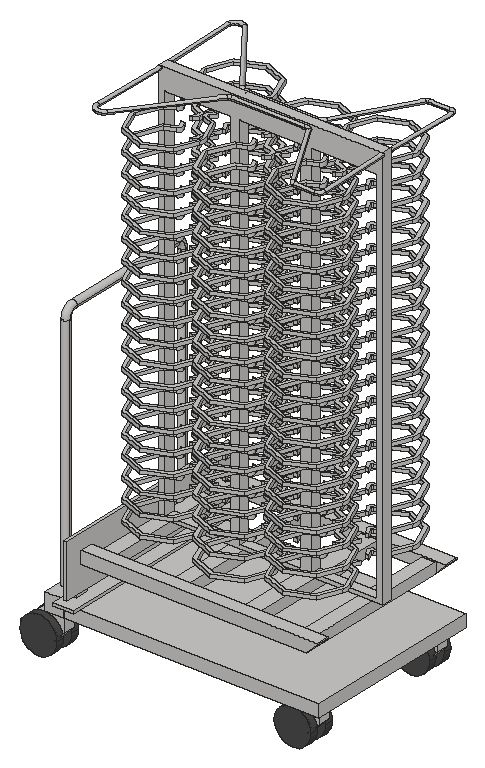
Revit family "QF_ELECTROLUXPROFESSIONAL_922764_TRBA116PL2021C", category Attrezzature speciali, Revit 2020 (continued)
Automatic sketch dimensions
  Extrusion 95 sketch curve to plane 24 = 21.155 mm
  Extrusion 95 sketch curve to Extrusion 95 sketch curve = 10.657 mm
  Extrusion 95 sketch curve to Extrusion 95 sketch curve = 2.333 mm
  Extrusion 95 sketch curve to plane 24 = 28.29 mm
  Extrusion 95 sketch curve to Extrusion 95 sketch curve = 0.12 mm
  Extrusion 95 sketch curve to Extrusion 95 sketch curve = 1.997 mm
  Extrusion 95 sketch curve to Extrusion 95 sketch curve = 13.006 mm  (x2)
  plane 15 to Extrusion 95 sketch curve = 19.797 mm
  Extrusion 95 sketch curve to plane 6 = 41.061 mm
  Extrusion 95 sketch curve to Extrusion 95 sketch curve = 32.378 mm
  plane 191 to Extrusion 95 sketch curve = 0.677 mm
  Extrusion 95 sketch curve to plane 6 = 36.141 mm
  Extrusion 95 sketch curve to Extrusion 95 sketch curve = 8.823 mm  (x2)
  Extrusion 95 sketch curve to Extrusion 95 sketch curve = 12.491 mm
  Extrusion 95 sketch curve to plane 6 = 4.991 mm
  plane 6 to Extrusion 95 sketch curve = 0.685 mm
  plane 6 to Extrusion 95 sketch curve = 0.941 mm
  Extrusion 95 sketch curve to plane 24 = 16.976 mm
  Extrusion 95 sketch curve to plane 192 = 40.033 mm
  Extrusion 95 sketch curve to Extrusion 95 sketch curve = 7.129 mm
  Extrusion 95 sketch curve to Extrusion 95 sketch curve = 9.801 mm
  Extrusion 95 sketch curve to plane 24 = 21.716 mm
  Extrusion 95 sketch curve to Extrusion 95 sketch curve = 10.269 mm
  Extrusion 95 sketch curve to plane 24 = 28.819 mm
  Extrusion 95 sketch curve to Extrusion 95 sketch curve = 2.378 mm
  Extrusion 95 sketch curve to Extrusion 95 sketch curve = 2.721 mm
  Extrusion 95 sketch curve to Extrusion 95 sketch curve = 1.609 mm
  Extrusion 95 sketch curve to plane 191 = 0.677 mm
  Extrusion 95 sketch curve to plane 192 = 81.177 mm
  Extrusion 95 sketch curve to Extrusion 95 sketch curve = 34.52 mm
  plane 15 to Extrusion 95 sketch curve = 23.461 mm
  Extrusion 95 sketch curve to Extrusion 95 sketch curve = 0.634 mm
  plane 15 to Extrusion 95 sketch curve = 12.859 mm
  Extrusion 95 sketch curve to Extrusion 95 sketch curve = 5.47 mm  (x2)
  Extrusion 95 sketch curve to plane 24 = 44.113 mm
  Extrusion 95 sketch curve to Extrusion 95 sketch curve = 7.067 mm
  Extrusion 95 sketch curve to plane 191 = 1.889 mm
  Extrusion 95 sketch curve to Extrusion 95 sketch curve = 33.003 mm
  Extrusion 95 sketch curve to plane 191 = 16.292 mm
  Extrusion 95 sketch curve to Extrusion 95 sketch curve = 3.823 mm
  plane 191 to Extrusion 95 sketch curve = 14.321 mm
  Extrusion 95 sketch curve to Extrusion 95 sketch curve = 0.26 mm
  Extrusion 95 sketch curve to Extrusion 95 sketch curve = 0.931 mm
  Extrusion 95 sketch curve to Extrusion 95 sketch curve = 14.355 mm
  Extrusion 95 sketch curve to Extrusion 95 sketch curve = 8.956 mm
  plane 191 to Extrusion 95 sketch curve = 16.292 mm
  Extrusion 95 sketch curve to plane 15 = 12.573 mm
  Extrusion 95 sketch curve to Extrusion 95 sketch curve = 10.291 mm
  Extrusion 96 sketch curve to plane 193 = 0 mm
  plane 23 to Extrusion 96 sketch curve = 0 mm  (x2)
  Extrusion 96 sketch curve to plane 194 = 0 mm
  Extrusion 96 sketch curve to plane 194 = 1.038 mm
  Extrusion 96 sketch curve to plane 23 = 17.086 mm
  Extrusion 96 sketch curve to plane 194 = 38.719 mm
  Extrusion 96 sketch curve to Extrusion 96 sketch curve = 7.361 mm
  Extrusion 96 sketch curve to Extrusion 96 sketch curve = 9.865 mm
  Extrusion 96 sketch curve to plane 23 = 21.155 mm
  Extrusion 96 sketch curve to Extrusion 96 sketch curve = 10.657 mm
  Extrusion 96 sketch curve to Extrusion 96 sketch curve = 2.333 mm
  Extrusion 96 sketch curve to plane 23 = 28.29 mm
  Extrusion 96 sketch curve to Extrusion 96 sketch curve = 0.12 mm
  Extrusion 96 sketch curve to Extrusion 96 sketch curve = 1.997 mm
  Extrusion 96 sketch curve to Extrusion 96 sketch curve = 13.006 mm  (x2)
  plane 14 to Extrusion 96 sketch curve = 19.797 mm
  plane 6 to Extrusion 96 sketch curve = 41.061 mm
  Extrusion 96 sketch curve to Extrusion 96 sketch curve = 32.378 mm
  Extrusion 96 sketch curve to plane 193 = 0.677 mm
  plane 6 to Extrusion 96 sketch curve = 36.141 mm
  Extrusion 96 sketch curve to Extrusion 96 sketch curve = 8.823 mm  (x2)
  Extrusion 96 sketch curve to Extrusion 96 sketch curve = 12.491 mm
  plane 6 to Extrusion 96 sketch curve = 4.991 mm
  Extrusion 96 sketch curve to plane 6 = 0.685 mm
  Extrusion 96 sketch curve to plane 6 = 0.941 mm
  Extrusion 96 sketch curve to plane 23 = 16.976 mm
  plane 194 to Extrusion 96 sketch curve = 40.033 mm
  Extrusion 96 sketch curve to Extrusion 96 sketch curve = 7.129 mm
  Extrusion 96 sketch curve to Extrusion 96 sketch curve = 9.801 mm
  Extrusion 96 sketch curve to plane 23 = 21.716 mm
  Extrusion 96 sketch curve to Extrusion 96 sketch curve = 10.269 mm
  Extrusion 96 sketch curve to plane 23 = 28.819 mm
  Extrusion 96 sketch curve to Extrusion 96 sketch curve = 2.378 mm
  Extrusion 96 sketch curve to Extrusion 96 sketch curve = 2.721 mm
  Extrusion 96 sketch curve to Extrusion 96 sketch curve = 1.609 mm
  plane 193 to Extrusion 96 sketch curve = 0.677 mm
  plane 194 to Extrusion 96 sketch curve = 81.177 mm
  Extrusion 96 sketch curve to Extrusion 96 sketch curve = 34.52 mm
  plane 14 to Extrusion 96 sketch curve = 23.461 mm
  Extrusion 96 sketch curve to Extrusion 96 sketch curve = 0.634 mm
  plane 14 to Extrusion 96 sketch curve = 12.859 mm
  Extrusion 96 sketch curve to Extrusion 96 sketch curve = 5.47 mm  (x2)
  Extrusion 96 sketch curve to plane 23 = 44.113 mm
  Extrusion 96 sketch curve to Extrusion 96 sketch curve = 7.067 mm
  plane 193 to Extrusion 96 sketch curve = 1.889 mm
  Extrusion 96 sketch curve to Extrusion 96 sketch curve = 33.003 mm
  plane 193 to Extrusion 96 sketch curve = 16.292 mm
  Extrusion 96 sketch curve to Extrusion 96 sketch curve = 3.823 mm
  Extrusion 96 sketch curve to plane 193 = 14.321 mm
  Extrusion 96 sketch curve to Extrusion 96 sketch curve = 0.26 mm
  Extrusion 96 sketch curve to Extrusion 96 sketch curve = 0.931 mm
  Extrusion 96 sketch curve to Extrusion 96 sketch curve = 14.355 mm
  Extrusion 96 sketch curve to Extrusion 96 sketch curve = 8.956 mm
  Extrusion 96 sketch curve to plane 193 = 16.292 mm
  Extrusion 96 sketch curve to plane 14 = 12.573 mm
  Extrusion 96 sketch curve to Extrusion 96 sketch curve = 10.291 mm
  Extrusion 97 sketch curve to plane 195 = 0 mm
  plane 24 to Extrusion 97 sketch curve = 0 mm  (x2)
  Extrusion 97 sketch curve to plane 196 = 0 mm
  plane 196 to Extrusion 97 sketch curve = 1.038 mm
  Extrusion 97 sketch curve to plane 24 = 17.086 mm
  plane 196 to Extrusion 97 sketch curve = 38.719 mm
  Extrusion 97 sketch curve to Extrusion 97 sketch curve = 7.361 mm
  Extrusion 97 sketch curve to Extrusion 97 sketch curve = 9.865 mm
  Extrusion 97 sketch curve to plane 24 = 21.155 mm
  Extrusion 97 sketch curve to Extrusion 97 sketch curve = 10.657 mm
  Extrusion 97 sketch curve to Extrusion 97 sketch curve = 2.333 mm
  Extrusion 97 sketch curve to plane 24 = 28.29 mm
  Extrusion 97 sketch curve to Extrusion 97 sketch curve = 0.12 mm
  Extrusion 97 sketch curve to Extrusion 97 sketch curve = 1.997 mm
  Extrusion 97 sketch curve to Extrusion 97 sketch curve = 13.006 mm  (x2)
  plane 15 to Extrusion 97 sketch curve = 19.797 mm
  Extrusion 97 sketch curve to plane 6 = 41.061 mm
  Extrusion 97 sketch curve to Extrusion 97 sketch curve = 32.378 mm
  plane 195 to Extrusion 97 sketch curve = 0.677 mm
  Extrusion 97 sketch curve to plane 6 = 36.141 mm
  Extrusion 97 sketch curve to Extrusion 97 sketch curve = 8.823 mm  (x2)
  Extrusion 97 sketch curve to Extrusion 97 sketch curve = 12.491 mm
  Extrusion 97 sketch curve to plane 6 = 4.991 mm
  plane 6 to Extrusion 97 sketch curve = 0.685 mm
  plane 6 to Extrusion 97 sketch curve = 0.941 mm
  Extrusion 97 sketch curve to plane 24 = 16.976 mm
  Extrusion 97 sketch curve to plane 196 = 40.033 mm
  Extrusion 97 sketch curve to Extrusion 97 sketch curve = 7.129 mm
  Extrusion 97 sketch curve to Extrusion 97 sketch curve = 9.801 mm
  Extrusion 97 sketch curve to plane 24 = 21.716 mm
  Extrusion 97 sketch curve to Extrusion 97 sketch curve = 10.269 mm
  Extrusion 97 sketch curve to plane 24 = 28.819 mm
  Extrusion 97 sketch curve to Extrusion 97 sketch curve = 2.378 mm
  Extrusion 97 sketch curve to Extrusion 97 sketch curve = 2.721 mm
  Extrusion 97 sketch curve to Extrusion 97 sketch curve = 1.609 mm
  Extrusion 97 sketch curve to plane 195 = 0.677 mm
  Extrusion 97 sketch curve to plane 196 = 81.177 mm
  Extrusion 97 sketch curve to Extrusion 97 sketch curve = 34.52 mm
  plane 15 to Extrusion 97 sketch curve = 23.461 mm
  Extrusion 97 sketch curve to Extrusion 97 sketch curve = 0.634 mm
  plane 15 to Extrusion 97 sketch curve = 12.859 mm
  Extrusion 97 sketch curve to Extrusion 97 sketch curve = 5.47 mm  (x2)
  Extrusion 97 sketch curve to plane 24 = 44.113 mm
  Extrusion 97 sketch curve to Extrusion 97 sketch curve = 7.067 mm
  Extrusion 97 sketch curve to plane 195 = 1.889 mm
  Extrusion 97 sketch curve to Extrusion 97 sketch curve = 33.003 mm
  Extrusion 97 sketch curve to plane 195 = 16.292 mm
  Extrusion 97 sketch curve to Extrusion 97 sketch curve = 3.823 mm
  plane 195 to Extrusion 97 sketch curve = 14.321 mm
  Extrusion 97 sketch curve to Extrusion 97 sketch curve = 0.26 mm
  Extrusion 97 sketch curve to Extrusion 97 sketch curve = 0.931 mm
  Extrusion 97 sketch curve to Extrusion 97 sketch curve = 14.355 mm
  Extrusion 97 sketch curve to Extrusion 97 sketch curve = 8.956 mm
  plane 195 to Extrusion 97 sketch curve = 16.292 mm
  Extrusion 97 sketch curve to plane 15 = 12.573 mm
  Extrusion 97 sketch curve to Extrusion 97 sketch curve = 10.291 mm
  Extrusion 98 sketch curve to plane 197 = 0 mm
  plane 23 to Extrusion 98 sketch curve = 0 mm  (x2)
  Extrusion 98 sketch curve to plane 198 = 0 mm
  Extrusion 98 sketch curve to plane 198 = 1.038 mm
  Extrusion 98 sketch curve to plane 23 = 17.086 mm
  Extrusion 98 sketch curve to plane 198 = 38.719 mm
  Extrusion 98 sketch curve to Extrusion 98 sketch curve = 7.361 mm
  Extrusion 98 sketch curve to Extrusion 98 sketch curve = 9.865 mm
  Extrusion 98 sketch curve to plane 23 = 21.155 mm
  Extrusion 98 sketch curve to Extrusion 98 sketch curve = 10.657 mm
  Extrusion 98 sketch curve to Extrusion 98 sketch curve = 2.333 mm
  Extrusion 98 sketch curve to plane 23 = 28.29 mm
  Extrusion 98 sketch curve to Extrusion 98 sketch curve = 0.12 mm
  Extrusion 98 sketch curve to Extrusion 98 sketch curve = 1.997 mm
  Extrusion 98 sketch curve to Extrusion 98 sketch curve = 13.006 mm  (x2)
  plane 14 to Extrusion 98 sketch curve = 19.797 mm
  plane 6 to Extrusion 98 sketch curve = 41.061 mm
  Extrusion 98 sketch curve to Extrusion 98 sketch curve = 32.378 mm
  Extrusion 98 sketch curve to plane 197 = 0.677 mm
  plane 6 to Extrusion 98 sketch curve = 36.141 mm
  Extrusion 98 sketch curve to Extrusion 98 sketch curve = 8.823 mm  (x2)
  Extrusion 98 sketch curve to Extrusion 98 sketch curve = 12.491 mm
  plane 6 to Extrusion 98 sketch curve = 4.991 mm
  Extrusion 98 sketch curve to plane 6 = 0.685 mm
  Extrusion 98 sketch curve to plane 6 = 0.941 mm
  Extrusion 98 sketch curve to plane 23 = 16.976 mm
  plane 198 to Extrusion 98 sketch curve = 40.033 mm
  Extrusion 98 sketch curve to Extrusion 98 sketch curve = 7.129 mm
  Extrusion 98 sketch curve to Extrusion 98 sketch curve = 9.801 mm
  Extrusion 98 sketch curve to plane 23 = 21.716 mm
  Extrusion 98 sketch curve to Extrusion 98 sketch curve = 10.269 mm
  Extrusion 98 sketch curve to plane 23 = 28.819 mm
  Extrusion 98 sketch curve to Extrusion 98 sketch curve = 2.378 mm
  Extrusion 98 sketch curve to Extrusion 98 sketch curve = 2.721 mm
  Extrusion 98 sketch curve to Extrusion 98 sketch curve = 1.609 mm
  plane 197 to Extrusion 98 sketch curve = 0.677 mm
  plane 198 to Extrusion 98 sketch curve = 81.177 mm
  Extrusion 98 sketch curve to Extrusion 98 sketch curve = 34.52 mm
  plane 14 to Extrusion 98 sketch curve = 23.461 mm
  Extrusion 98 sketch curve to Extrusion 98 sketch curve = 0.634 mm
  plane 14 to Extrusion 98 sketch curve = 12.859 mm
  Extrusion 98 sketch curve to Extrusion 98 sketch curve = 5.47 mm  (x2)
  Extrusion 98 sketch curve to plane 23 = 44.113 mm
  Extrusion 98 sketch curve to Extrusion 98 sketch curve = 7.067 mm
  plane 197 to Extrusion 98 sketch curve = 1.889 mm
  Extrusion 98 sketch curve to Extrusion 98 sketch curve = 33.003 mm
  plane 197 to Extrusion 98 sketch curve = 16.292 mm
  Extrusion 98 sketch curve to Extrusion 98 sketch curve = 3.823 mm
  Extrusion 98 sketch curve to plane 197 = 14.321 mm
  Extrusion 98 sketch curve to Extrusion 98 sketch curve = 0.26 mm
  Extrusion 98 sketch curve to Extrusion 98 sketch curve = 0.931 mm
  Extrusion 98 sketch curve to Extrusion 98 sketch curve = 14.355 mm
  Extrusion 98 sketch curve to Extrusion 98 sketch curve = 8.956 mm
  Extrusion 98 sketch curve to plane 197 = 16.292 mm
  Extrusion 98 sketch curve to plane 14 = 12.573 mm
  Extrusion 98 sketch curve to Extrusion 98 sketch curve = 10.291 mm
  Extrusion 99 sketch curve to plane 199 = 0 mm
  plane 24 to Extrusion 99 sketch curve = 0 mm  (x2)
  Extrusion 99 sketch curve to plane 200 = 0 mm
  plane 200 to Extrusion 99 sketch curve = 1.038 mm
  Extrusion 99 sketch curve to plane 24 = 17.086 mm
  plane 200 to Extrusion 99 sketch curve = 38.719 mm
  Extrusion 99 sketch curve to Extrusion 99 sketch curve = 7.361 mm
  Extrusion 99 sketch curve to Extrusion 99 sketch curve = 9.865 mm
  Extrusion 99 sketch curve to plane 24 = 21.155 mm
  Extrusion 99 sketch curve to Extrusion 99 sketch curve = 10.657 mm
  Extrusion 99 sketch curve to Extrusion 99 sketch curve = 2.333 mm
  Extrusion 99 sketch curve to plane 24 = 28.29 mm
  Extrusion 99 sketch curve to Extrusion 99 sketch curve = 0.12 mm
  Extrusion 99 sketch curve to Extrusion 99 sketch curve = 1.997 mm
  Extrusion 99 sketch curve to Extrusion 99 sketch curve = 13.006 mm  (x2)
  plane 15 to Extrusion 99 sketch curve = 19.797 mm
  Extrusion 99 sketch curve to plane 6 = 41.061 mm
  Extrusion 99 sketch curve to Extrusion 99 sketch curve = 32.378 mm
  plane 199 to Extrusion 99 sketch curve = 0.677 mm
  Extrusion 99 sketch curve to plane 6 = 36.141 mm
  Extrusion 99 sketch curve to Extrusion 99 sketch curve = 8.823 mm  (x2)
  Extrusion 99 sketch curve to Extrusion 99 sketch curve = 12.491 mm
  Extrusion 99 sketch curve to plane 6 = 4.991 mm
  plane 6 to Extrusion 99 sketch curve = 0.685 mm
  plane 6 to Extrusion 99 sketch curve = 0.941 mm
  Extrusion 99 sketch curve to plane 24 = 16.976 mm
  Extrusion 99 sketch curve to plane 200 = 40.033 mm
  Extrusion 99 sketch curve to Extrusion 99 sketch curve = 7.129 mm
  Extrusion 99 sketch curve to Extrusion 99 sketch curve = 9.801 mm
  Extrusion 99 sketch curve to plane 24 = 21.716 mm
  Extrusion 99 sketch curve to Extrusion 99 sketch curve = 10.269 mm
  Extrusion 99 sketch curve to plane 24 = 28.819 mm
  Extrusion 99 sketch curve to Extrusion 99 sketch curve = 2.378 mm
  Extrusion 99 sketch curve to Extrusion 99 sketch curve = 2.721 mm
  Extrusion 99 sketch curve to Extrusion 99 sketch curve = 1.609 mm
  Extrusion 99 sketch curve to plane 199 = 0.677 mm
  Extrusion 99 sketch curve to plane 200 = 81.177 mm
  Extrusion 99 sketch curve to Extrusion 99 sketch curve = 34.52 mm
  plane 15 to Extrusion 99 sketch curve = 23.461 mm
  Extrusion 99 sketch curve to Extrusion 99 sketch curve = 0.634 mm
  plane 15 to Extrusion 99 sketch curve = 12.859 mm
  Extrusion 99 sketch curve to Extrusion 99 sketch curve = 5.47 mm  (x2)
  Extrusion 99 sketch curve to plane 24 = 44.113 mm
  Extrusion 99 sketch curve to Extrusion 99 sketch curve = 7.067 mm
  Extrusion 99 sketch curve to plane 199 = 1.889 mm
  Extrusion 99 sketch curve to Extrusion 99 sketch curve = 33.003 mm
  Extrusion 99 sketch curve to plane 199 = 16.292 mm
  Extrusion 99 sketch curve to Extrusion 99 sketch curve = 3.823 mm
  plane 199 to Extrusion 99 sketch curve = 14.321 mm
  Extrusion 99 sketch curve to Extrusion 99 sketch curve = 0.26 mm
  Extrusion 99 sketch curve to Extrusion 99 sketch curve = 0.931 mm
  Extrusion 99 sketch curve to Extrusion 99 sketch curve = 14.355 mm
  Extrusion 99 sketch curve to Extrusion 99 sketch curve = 8.956 mm
  plane 199 to Extrusion 99 sketch curve = 16.292 mm
  Extrusion 99 sketch curve to plane 15 = 12.573 mm
  Extrusion 99 sketch curve to Extrusion 99 sketch curve = 10.291 mm
  Extrusion 100 sketch curve to plane 201 = 0 mm
  plane 23 to Extrusion 100 sketch curve = 0 mm  (x2)
  Extrusion 100 sketch curve to plane 202 = 0 mm
  Extrusion 100 sketch curve to plane 202 = 1.038 mm
  Extrusion 100 sketch curve to plane 23 = 17.086 mm
  Extrusion 100 sketch curve to plane 202 = 38.719 mm
  Extrusion 100 sketch curve to Extrusion 100 sketch curve = 7.361 mm
  Extrusion 100 sketch curve to Extrusion 100 sketch curve = 9.865 mm
  Extrusion 100 sketch curve to plane 23 = 21.155 mm
  Extrusion 100 sketch curve to Extrusion 100 sketch curve = 10.657 mm
  Extrusion 100 sketch curve to Extrusion 100 sketch curve = 2.333 mm
  Extrusion 100 sketch curve to plane 23 = 28.29 mm
  Extrusion 100 sketch curve to Extrusion 100 sketch curve = 0.12 mm
  Extrusion 100 sketch curve to Extrusion 100 sketch curve = 1.997 mm
  Extrusion 100 sketch curve to Extrusion 100 sketch curve = 13.006 mm  (x2)
  plane 14 to Extrusion 100 sketch curve = 19.797 mm
  plane 6 to Extrusion 100 sketch curve = 41.061 mm
  Extrusion 100 sketch curve to Extrusion 100 sketch curve = 32.378 mm
  Extrusion 100 sketch curve to plane 201 = 0.677 mm
  plane 6 to Extrusion 100 sketch curve = 36.141 mm
  Extrusion 100 sketch curve to Extrusion 100 sketch curve = 8.823 mm  (x2)
  Extrusion 100 sketch curve to Extrusion 100 sketch curve = 12.491 mm
  plane 6 to Extrusion 100 sketch curve = 4.991 mm
  Extrusion 100 sketch curve to plane 6 = 0.685 mm
  Extrusion 100 sketch curve to plane 6 = 0.941 mm
  Extrusion 100 sketch curve to plane 23 = 16.976 mm
  plane 202 to Extrusion 100 sketch curve = 40.033 mm
  Extrusion 100 sketch curve to Extrusion 100 sketch curve = 7.129 mm
  Extrusion 100 sketch curve to Extrusion 100 sketch curve = 9.801 mm
  Extrusion 100 sketch curve to plane 23 = 21.716 mm
  Extrusion 100 sketch curve to Extrusion 100 sketch curve = 10.269 mm
  Extrusion 100 sketch curve to plane 23 = 28.819 mm
  Extrusion 100 sketch curve to Extrusion 100 sketch curve = 2.378 mm
  Extrusion 100 sketch curve to Extrusion 100 sketch curve = 2.721 mm
  Extrusion 100 sketch curve to Extrusion 100 sketch curve = 1.609 mm
  plane 201 to Extrusion 100 sketch curve = 0.677 mm
  plane 202 to Extrusion 100 sketch curve = 81.177 mm
  Extrusion 100 sketch curve to Extrusion 100 sketch curve = 34.52 mm
  plane 14 to Extrusion 100 sketch curve = 23.461 mm
  Extrusion 100 sketch curve to Extrusion 100 sketch curve = 0.634 mm
  plane 14 to Extrusion 100 sketch curve = 12.859 mm
  Extrusion 100 sketch curve to Extrusion 100 sketch curve = 5.47 mm  (x2)
  Extrusion 100 sketch curve to plane 23 = 44.113 mm
  Extrusion 100 sketch curve to Extrusion 100 sketch curve = 7.067 mm
  plane 201 to Extrusion 100 sketch curve = 1.889 mm
  Extrusion 100 sketch curve to Extrusion 100 sketch curve = 33.003 mm
  plane 201 to Extrusion 100 sketch curve = 16.292 mm
  Extrusion 100 sketch curve to Extrusion 100 sketch curve = 3.823 mm
  Extrusion 100 sketch curve to plane 201 = 14.321 mm
  Extrusion 100 sketch curve to Extrusion 100 sketch curve = 0.26 mm
  Extrusion 100 sketch curve to Extrusion 100 sketch curve = 0.931 mm
  Extrusion 100 sketch curve to Extrusion 100 sketch curve = 14.355 mm
  Extrusion 100 sketch curve to Extrusion 100 sketch curve = 8.956 mm
  Extrusion 100 sketch curve to plane 201 = 16.292 mm
  Extrusion 100 sketch curve to plane 14 = 12.573 mm
  Extrusion 100 sketch curve to Extrusion 100 sketch curve = 10.291 mm
  Extrusion 101 sketch curve to plane 203 = 0 mm
  plane 24 to Extrusion 101 sketch curve = 0 mm  (x2)
  Extrusion 101 sketch curve to plane 204 = 0 mm
  plane 204 to Extrusion 101 sketch curve = 1.038 mm
  Extrusion 101 sketch curve to plane 24 = 17.086 mm
  plane 204 to Extrusion 101 sketch curve = 38.719 mm
  Extrusion 101 sketch curve to Extrusion 101 sketch curve = 7.361 mm
  Extrusion 101 sketch curve to Extrusion 101 sketch curve = 9.865 mm
  Extrusion 101 sketch curve to plane 24 = 21.155 mm
  Extrusion 101 sketch curve to Extrusion 101 sketch curve = 10.657 mm
  Extrusion 101 sketch curve to Extrusion 101 sketch curve = 2.333 mm
  Extrusion 101 sketch curve to plane 24 = 28.29 mm
  Extrusion 101 sketch curve to Extrusion 101 sketch curve = 0.12 mm
  Extrusion 101 sketch curve to Extrusion 101 sketch curve = 1.997 mm
  Extrusion 101 sketch curve to Extrusion 101 sketch curve = 13.006 mm  (x2)
  plane 15 to Extrusion 101 sketch curve = 19.797 mm
  Extrusion 101 sketch curve to plane 6 = 41.061 mm
  Extrusion 101 sketch curve to Extrusion 101 sketch curve = 32.378 mm
  plane 203 to Extrusion 101 sketch curve = 0.677 mm
  Extrusion 101 sketch curve to plane 6 = 36.141 mm
  Extrusion 101 sketch curve to Extrusion 101 sketch curve = 8.823 mm  (x2)
  Extrusion 101 sketch curve to Extrusion 101 sketch curve = 12.491 mm
  Extrusion 101 sketch curve to plane 6 = 4.991 mm
  plane 6 to Extrusion 101 sketch curve = 0.685 mm
  plane 6 to Extrusion 101 sketch curve = 0.941 mm
  Extrusion 101 sketch curve to plane 24 = 16.976 mm
  Extrusion 101 sketch curve to plane 204 = 40.033 mm
  Extrusion 101 sketch curve to Extrusion 101 sketch curve = 7.129 mm
  Extrusion 101 sketch curve to Extrusion 101 sketch curve = 9.801 mm
  Extrusion 101 sketch curve to plane 24 = 21.716 mm
  Extrusion 101 sketch curve to Extrusion 101 sketch curve = 10.269 mm
  Extrusion 101 sketch curve to plane 24 = 28.819 mm
  Extrusion 101 sketch curve to Extrusion 101 sketch curve = 2.378 mm
  Extrusion 101 sketch curve to Extrusion 101 sketch curve = 2.721 mm
  Extrusion 101 sketch curve to Extrusion 101 sketch curve = 1.609 mm
  Extrusion 101 sketch curve to plane 203 = 0.677 mm
  Extrusion 101 sketch curve to plane 204 = 81.177 mm
  Extrusion 101 sketch curve to Extrusion 101 sketch curve = 34.52 mm
  plane 15 to Extrusion 101 sketch curve = 23.461 mm
  Extrusion 101 sketch curve to Extrusion 101 sketch curve = 0.634 mm
  plane 15 to Extrusion 101 sketch curve = 12.859 mm
  Extrusion 101 sketch curve to Extrusion 101 sketch curve = 5.47 mm  (x2)
  Extrusion 101 sketch curve to plane 24 = 44.113 mm
  Extrusion 101 sketch curve to Extrusion 101 sketch curve = 7.067 mm
  Extrusion 101 sketch curve to plane 203 = 1.889 mm
  Extrusion 101 sketch curve to Extrusion 101 sketch curve = 33.003 mm
  Extrusion 101 sketch curve to plane 203 = 16.292 mm
  Extrusion 101 sketch curve to Extrusion 101 sketch curve = 3.823 mm
  plane 203 to Extrusion 101 sketch curve = 14.321 mm
  Extrusion 101 sketch curve to Extrusion 101 sketch curve = 0.26 mm
  Extrusion 101 sketch curve to Extrusion 101 sketch curve = 0.931 mm
  Extrusion 101 sketch curve to Extrusion 101 sketch curve = 14.355 mm
  Extrusion 101 sketch curve to Extrusion 101 sketch curve = 8.956 mm
  plane 203 to Extrusion 101 sketch curve = 16.292 mm
  Extrusion 101 sketch curve to plane 15 = 12.573 mm
  Extrusion 101 sketch curve to Extrusion 101 sketch curve = 10.291 mm
  Extrusion 102 sketch curve to plane 205 = 0 mm
  plane 23 to Extrusion 102 sketch curve = 0 mm  (x2)
  Extrusion 102 sketch curve to plane 206 = 0 mm
  Extrusion 102 sketch curve to plane 206 = 1.038 mm
  Extrusion 102 sketch curve to plane 23 = 17.086 mm
  Extrusion 102 sketch curve to plane 206 = 38.719 mm
  Extrusion 102 sketch curve to Extrusion 102 sketch curve = 7.361 mm
  Extrusion 102 sketch curve to Extrusion 102 sketch curve = 9.865 mm
  Extrusion 102 sketch curve to plane 23 = 21.155 mm
  Extrusion 102 sketch curve to Extrusion 102 sketch curve = 10.657 mm
  Extrusion 102 sketch curve to Extrusion 102 sketch curve = 2.333 mm
  Extrusion 102 sketch curve to plane 23 = 28.29 mm
  Extrusion 102 sketch curve to Extrusion 102 sketch curve = 0.12 mm
  Extrusion 102 sketch curve to Extrusion 102 sketch curve = 1.997 mm
  Extrusion 102 sketch curve to Extrusion 102 sketch curve = 13.006 mm  (x2)
  plane 14 to Extrusion 102 sketch curve = 19.797 mm
  plane 6 to Extrusion 102 sketch curve = 41.061 mm
  Extrusion 102 sketch curve to Extrusion 102 sketch curve = 32.378 mm
  Extrusion 102 sketch curve to plane 205 = 0.677 mm
  plane 6 to Extrusion 102 sketch curve = 36.141 mm
  Extrusion 102 sketch curve to Extrusion 102 sketch curve = 8.823 mm  (x2)
  Extrusion 102 sketch curve to Extrusion 102 sketch curve = 12.491 mm
  plane 6 to Extrusion 102 sketch curve = 4.991 mm
  Extrusion 102 sketch curve to plane 6 = 0.685 mm
  Extrusion 102 sketch curve to plane 6 = 0.941 mm
  Extrusion 102 sketch curve to plane 23 = 16.976 mm
  plane 206 to Extrusion 102 sketch curve = 40.033 mm
  Extrusion 102 sketch curve to Extrusion 102 sketch curve = 7.129 mm
  Extrusion 102 sketch curve to Extrusion 102 sketch curve = 9.801 mm
  Extrusion 102 sketch curve to plane 23 = 21.716 mm
  Extrusion 102 sketch curve to Extrusion 102 sketch curve = 10.269 mm
  Extrusion 102 sketch curve to plane 23 = 28.819 mm
  Extrusion 102 sketch curve to Extrusion 102 sketch curve = 2.378 mm
  Extrusion 102 sketch curve to Extrusion 102 sketch curve = 2.721 mm
  Extrusion 102 sketch curve to Extrusion 102 sketch curve = 1.609 mm
  plane 205 to Extrusion 102 sketch curve = 0.677 mm
  plane 206 to Extrusion 102 sketch curve = 81.177 mm
  Extrusion 102 sketch curve to Extrusion 102 sketch curve = 34.52 mm
  plane 14 to Extrusion 102 sketch curve = 23.461 mm
  Extrusion 102 sketch curve to Extrusion 102 sketch curve = 0.634 mm
  plane 14 to Extrusion 102 sketch curve = 12.859 mm
  Extrusion 102 sketch curve to Extrusion 102 sketch curve = 5.47 mm  (x2)
  Extrusion 102 sketch curve to plane 23 = 44.113 mm
  Extrusion 102 sketch curve to Extrusion 102 sketch curve = 7.067 mm
  plane 205 to Extrusion 102 sketch curve = 1.889 mm
  Extrusion 102 sketch curve to Extrusion 102 sketch curve = 33.003 mm
  plane 205 to Extrusion 102 sketch curve = 16.292 mm
  Extrusion 102 sketch curve to Extrusion 102 sketch curve = 3.823 mm
  Extrusion 102 sketch curve to plane 205 = 14.321 mm
  Extrusion 102 sketch curve to Extrusion 102 sketch curve = 0.26 mm
  Extrusion 102 sketch curve to Extrusion 102 sketch curve = 0.931 mm
  Extrusion 102 sketch curve to Extrusion 102 sketch curve = 14.355 mm
  Extrusion 102 sketch curve to Extrusion 102 sketch curve = 8.956 mm
  Extrusion 102 sketch curve to plane 205 = 16.292 mm
  Extrusion 102 sketch curve to plane 14 = 12.573 mm
  Extrusion 102 sketch curve to Extrusion 102 sketch curve = 10.291 mm
  Extrusion 103 sketch curve to plane 207 = 0 mm
  plane 24 to Extrusion 103 sketch curve = 0 mm  (x2)
  Extrusion 103 sketch curve to plane 208 = 0 mm
  plane 208 to Extrusion 103 sketch curve = 1.038 mm
  Extrusion 103 sketch curve to plane 24 = 17.086 mm
  plane 208 to Extrusion 103 sketch curve = 38.719 mm
  Extrusion 103 sketch curve to Extrusion 103 sketch curve = 7.361 mm
  Extrusion 103 sketch curve to Extrusion 103 sketch curve = 9.865 mm
  Extrusion 103 sketch curve to plane 24 = 21.155 mm
  Extrusion 103 sketch curve to Extrusion 103 sketch curve = 10.657 mm
  Extrusion 103 sketch curve to Extrusion 103 sketch curve = 2.333 mm
  Extrusion 103 sketch curve to plane 24 = 28.29 mm
  Extrusion 103 sketch curve to Extrusion 103 sketch curve = 0.12 mm
  Extrusion 103 sketch curve to Extrusion 103 sketch curve = 1.997 mm
  Extrusion 103 sketch curve to Extrusion 103 sketch curve = 13.006 mm  (x2)
  plane 15 to Extrusion 103 sketch curve = 19.797 mm
  Extrusion 103 sketch curve to plane 6 = 41.061 mm
  Extrusion 103 sketch curve to Extrusion 103 sketch curve = 32.378 mm
  plane 207 to Extrusion 103 sketch curve = 0.677 mm
  Extrusion 103 sketch curve to plane 6 = 36.141 mm
  Extrusion 103 sketch curve to Extrusion 103 sketch curve = 8.823 mm  (x2)
  Extrusion 103 sketch curve to Extrusion 103 sketch curve = 12.491 mm
  Extrusion 103 sketch curve to plane 6 = 4.991 mm
  plane 6 to Extrusion 103 sketch curve = 0.685 mm
  plane 6 to Extrusion 103 sketch curve = 0.941 mm
  Extrusion 103 sketch curve to plane 24 = 16.976 mm
  Extrusion 103 sketch curve to plane 208 = 40.033 mm
  Extrusion 103 sketch curve to Extrusion 103 sketch curve = 7.129 mm
  Extrusion 103 sketch curve to Extrusion 103 sketch curve = 9.801 mm
  Extrusion 103 sketch curve to plane 24 = 21.716 mm
  Extrusion 103 sketch curve to Extrusion 103 sketch curve = 10.269 mm
  Extrusion 103 sketch curve to plane 24 = 28.819 mm
  Extrusion 103 sketch curve to Extrusion 103 sketch curve = 2.378 mm
  Extrusion 103 sketch curve to Extrusion 103 sketch curve = 2.721 mm
  Extrusion 103 sketch curve to Extrusion 103 sketch curve = 1.609 mm
  Extrusion 103 sketch curve to plane 207 = 0.677 mm
  Extrusion 103 sketch curve to plane 208 = 81.177 mm
  Extrusion 103 sketch curve to Extrusion 103 sketch curve = 34.52 mm
  plane 15 to Extrusion 103 sketch curve = 23.461 mm
  Extrusion 103 sketch curve to Extrusion 103 sketch curve = 0.634 mm
  plane 15 to Extrusion 103 sketch curve = 12.859 mm
  Extrusion 103 sketch curve to Extrusion 103 sketch curve = 5.47 mm  (x2)
  Extrusion 103 sketch curve to plane 24 = 44.113 mm
  Extrusion 103 sketch curve to Extrusion 103 sketch curve = 7.067 mm
  Extrusion 103 sketch curve to plane 207 = 1.889 mm
  Extrusion 103 sketch curve to Extrusion 103 sketch curve = 33.003 mm
  Extrusion 103 sketch curve to plane 207 = 16.292 mm
  Extrusion 103 sketch curve to Extrusion 103 sketch curve = 3.823 mm
  plane 207 to Extrusion 103 sketch curve = 14.321 mm
  Extrusion 103 sketch curve to Extrusion 103 sketch curve = 0.26 mm
  Extrusion 103 sketch curve to Extrusion 103 sketch curve = 0.931 mm
  Extrusion 103 sketch curve to Extrusion 103 sketch curve = 14.355 mm
  Extrusion 103 sketch curve to Extrusion 103 sketch curve = 8.956 mm
  plane 207 to Extrusion 103 sketch curve = 16.292 mm
  Extrusion 103 sketch curve to plane 15 = 12.573 mm
  Extrusion 103 sketch curve to Extrusion 103 sketch curve = 10.291 mm
  Extrusion 104 sketch curve to plane 209 = 0 mm
  plane 23 to Extrusion 104 sketch curve = 0 mm  (x2)
  Extrusion 104 sketch curve to plane 210 = 0 mm
  Extrusion 104 sketch curve to plane 210 = 1.038 mm
  Extrusion 104 sketch curve to plane 23 = 17.086 mm
  Extrusion 104 sketch curve to plane 210 = 38.719 mm
  Extrusion 104 sketch curve to Extrusion 104 sketch curve = 7.361 mm
  Extrusion 104 sketch curve to Extrusion 104 sketch curve = 9.865 mm
  Extrusion 104 sketch curve to plane 23 = 21.155 mm
  Extrusion 104 sketch curve to Extrusion 104 sketch curve = 10.657 mm
  Extrusion 104 sketch curve to Extrusion 104 sketch curve = 2.333 mm
  Extrusion 104 sketch curve to plane 23 = 28.29 mm
  Extrusion 104 sketch curve to Extrusion 104 sketch curve = 0.12 mm
  Extrusion 104 sketch curve to Extrusion 104 sketch curve = 1.997 mm
  Extrusion 104 sketch curve to Extrusion 104 sketch curve = 13.006 mm  (x2)
  plane 14 to Extrusion 104 sketch curve = 19.797 mm
  plane 6 to Extrusion 104 sketch curve = 41.061 mm
  Extrusion 104 sketch curve to Extrusion 104 sketch curve = 32.378 mm
  Extrusion 104 sketch curve to plane 209 = 0.677 mm
  plane 6 to Extrusion 104 sketch curve = 36.141 mm
  Extrusion 104 sketch curve to Extrusion 104 sketch curve = 8.823 mm  (x2)
  Extrusion 104 sketch curve to Extrusion 104 sketch curve = 12.491 mm
  plane 6 to Extrusion 104 sketch curve = 4.991 mm
  Extrusion 104 sketch curve to plane 6 = 0.685 mm
  Extrusion 104 sketch curve to plane 6 = 0.941 mm
  Extrusion 104 sketch curve to plane 23 = 16.976 mm
  plane 210 to Extrusion 104 sketch curve = 40.033 mm
  Extrusion 104 sketch curve to Extrusion 104 sketch curve = 7.129 mm
  Extrusion 104 sketch curve to Extrusion 104 sketch curve = 9.801 mm
  Extrusion 104 sketch curve to plane 23 = 21.716 mm
  Extrusion 104 sketch curve to Extrusion 104 sketch curve = 10.269 mm
  Extrusion 104 sketch curve to plane 23 = 28.819 mm
  Extrusion 104 sketch curve to Extrusion 104 sketch curve = 2.378 mm
  Extrusion 104 sketch curve to Extrusion 104 sketch curve = 2.721 mm
  Extrusion 104 sketch curve to Extrusion 104 sketch curve = 1.609 mm
  plane 209 to Extrusion 104 sketch curve = 0.677 mm
  plane 210 to Extrusion 104 sketch curve = 81.177 mm
  Extrusion 104 sketch curve to Extrusion 104 sketch curve = 34.52 mm
  plane 14 to Extrusion 104 sketch curve = 23.461 mm
  Extrusion 104 sketch curve to Extrusion 104 sketch curve = 0.634 mm
  plane 14 to Extrusion 104 sketch curve = 12.859 mm
  Extrusion 104 sketch curve to Extrusion 104 sketch curve = 5.47 mm  (x2)
  Extrusion 104 sketch curve to plane 23 = 44.113 mm
  Extrusion 104 sketch curve to Extrusion 104 sketch curve = 7.067 mm
  plane 209 to Extrusion 104 sketch curve = 1.889 mm
  Extrusion 104 sketch curve to Extrusion 104 sketch curve = 33.003 mm
  plane 209 to Extrusion 104 sketch curve = 16.292 mm
  Extrusion 104 sketch curve to Extrusion 104 sketch curve = 3.823 mm
  Extrusion 104 sketch curve to plane 209 = 14.321 mm
  Extrusion 104 sketch curve to Extrusion 104 sketch curve = 0.26 mm
  Extrusion 104 sketch curve to Extrusion 104 sketch curve = 0.931 mm
  Extrusion 104 sketch curve to Extrusion 104 sketch curve = 14.355 mm
  Extrusion 104 sketch curve to Extrusion 104 sketch curve = 8.956 mm
  Extrusion 104 sketch curve to plane 209 = 16.292 mm
  Extrusion 104 sketch curve to plane 14 = 12.573 mm
  Extrusion 104 sketch curve to Extrusion 104 sketch curve = 10.291 mm
  Extrusion 105 sketch curve to plane 211 = 0 mm
  plane 24 to Extrusion 105 sketch curve = 0 mm  (x2)
  Extrusion 105 sketch curve to plane 212 = 0 mm
  plane 212 to Extrusion 105 sketch curve = 1.038 mm
  Extrusion 105 sketch curve to plane 24 = 17.086 mm
  plane 212 to Extrusion 105 sketch curve = 38.719 mm
  Extrusion 105 sketch curve to Extrusion 105 sketch curve = 7.361 mm
  Extrusion 105 sketch curve to Extrusion 105 sketch curve = 9.865 mm
  Extrusion 105 sketch curve to plane 24 = 21.155 mm
  Extrusion 105 sketch curve to Extrusion 105 sketch curve = 10.657 mm
  Extrusion 105 sketch curve to Extrusion 105 sketch curve = 2.333 mm
  Extrusion 105 sketch curve to plane 24 = 28.29 mm
  Extrusion 105 sketch curve to Extrusion 105 sketch curve = 0.12 mm
  Extrusion 105 sketch curve to Extrusion 105 sketch curve = 1.997 mm
  Extrusion 105 sketch curve to Extrusion 105 sketch curve = 13.006 mm  (x2)
  plane 15 to Extrusion 105 sketch curve = 19.797 mm
  Extrusion 105 sketch curve to plane 6 = 41.061 mm
  Extrusion 105 sketch curve to Extrusion 105 sketch curve = 32.378 mm
  plane 211 to Extrusion 105 sketch curve = 0.677 mm
  Extrusion 105 sketch curve to plane 6 = 36.141 mm
  Extrusion 105 sketch curve to Extrusion 105 sketch curve = 8.823 mm  (x2)
  Extrusion 105 sketch curve to Extrusion 105 sketch curve = 12.491 mm
  Extrusion 105 sketch curve to plane 6 = 4.991 mm
  plane 6 to Extrusion 105 sketch curve = 0.685 mm
  plane 6 to Extrusion 105 sketch curve = 0.941 mm
  Extrusion 105 sketch curve to plane 24 = 16.976 mm
  Extrusion 105 sketch curve to plane 212 = 40.033 mm
  Extrusion 105 sketch curve to Extrusion 105 sketch curve = 7.129 mm
  Extrusion 105 sketch curve to Extrusion 105 sketch curve = 9.801 mm
  Extrusion 105 sketch curve to plane 24 = 21.716 mm
  Extrusion 105 sketch curve to Extrusion 105 sketch curve = 10.269 mm
  Extrusion 105 sketch curve to plane 24 = 28.819 mm
  Extrusion 105 sketch curve to Extrusion 105 sketch curve = 2.378 mm
  Extrusion 105 sketch curve to Extrusion 105 sketch curve = 2.721 mm
  Extrusion 105 sketch curve to Extrusion 105 sketch curve = 1.609 mm
  Extrusion 105 sketch curve to plane 211 = 0.677 mm
  Extrusion 105 sketch curve to plane 212 = 81.177 mm
  Extrusion 105 sketch curve to Extrusion 105 sketch curve = 34.52 mm
  plane 15 to Extrusion 105 sketch curve = 23.461 mm
  Extrusion 105 sketch curve to Extrusion 105 sketch curve = 0.634 mm
  plane 15 to Extrusion 105 sketch curve = 12.859 mm
  Extrusion 105 sketch curve to Extrusion 105 sketch curve = 5.47 mm  (x2)
  Extrusion 105 sketch curve to plane 24 = 44.113 mm
  Extrusion 105 sketch curve to Extrusion 105 sketch curve = 7.067 mm
  Extrusion 105 sketch curve to plane 211 = 1.889 mm
  Extrusion 105 sketch curve to Extrusion 105 sketch curve = 33.003 mm
  Extrusion 105 sketch curve to plane 211 = 16.292 mm
  Extrusion 105 sketch curve to Extrusion 105 sketch curve = 3.823 mm
  plane 211 to Extrusion 105 sketch curve = 14.321 mm
  Extrusion 105 sketch curve to Extrusion 105 sketch curve = 0.26 mm
  Extrusion 105 sketch curve to Extrusion 105 sketch curve = 0.931 mm
  Extrusion 105 sketch curve to Extrusion 105 sketch curve = 14.355 mm
  Extrusion 105 sketch curve to Extrusion 105 sketch curve = 8.956 mm
  plane 211 to Extrusion 105 sketch curve = 16.292 mm
  Extrusion 105 sketch curve to plane 15 = 12.573 mm
  Extrusion 105 sketch curve to Extrusion 105 sketch curve = 10.291 mm
  Extrusion 106 sketch curve to plane 213 = 0 mm
  plane 23 to Extrusion 106 sketch curve = 0 mm  (x2)
  Extrusion 106 sketch curve to plane 214 = 0 mm
  Extrusion 106 sketch curve to plane 214 = 1.038 mm
  Extrusion 106 sketch curve to plane 23 = 17.086 mm
  Extrusion 106 sketch curve to plane 214 = 38.719 mm
  Extrusion 106 sketch curve to Extrusion 106 sketch curve = 7.361 mm
  Extrusion 106 sketch curve to Extrusion 106 sketch curve = 9.865 mm
  Extrusion 106 sketch curve to plane 23 = 21.155 mm
  Extrusion 106 sketch curve to Extrusion 106 sketch curve = 10.657 mm
  Extrusion 106 sketch curve to Extrusion 106 sketch curve = 2.333 mm
  Extrusion 106 sketch curve to plane 23 = 28.29 mm
  Extrusion 106 sketch curve to Extrusion 106 sketch curve = 0.12 mm
  Extrusion 106 sketch curve to Extrusion 106 sketch curve = 1.997 mm
  Extrusion 106 sketch curve to Extrusion 106 sketch curve = 13.006 mm  (x2)
  plane 14 to Extrusion 106 sketch curve = 19.797 mm
  plane 6 to Extrusion 106 sketch curve = 41.061 mm
  Extrusion 106 sketch curve to Extrusion 106 sketch curve = 32.378 mm
  Extrusion 106 sketch curve to plane 213 = 0.677 mm
  plane 6 to Extrusion 106 sketch curve = 36.141 mm
  Extrusion 106 sketch curve to Extrusion 106 sketch curve = 8.823 mm  (x2)
  Extrusion 106 sketch curve to Extrusion 106 sketch curve = 12.491 mm
  plane 6 to Extrusion 106 sketch curve = 4.991 mm
  Extrusion 106 sketch curve to plane 6 = 0.685 mm
  Extrusion 106 sketch curve to plane 6 = 0.941 mm
  Extrusion 106 sketch curve to plane 23 = 16.976 mm
  plane 214 to Extrusion 106 sketch curve = 40.033 mm
  Extrusion 106 sketch curve to Extrusion 106 sketch curve = 7.129 mm
  Extrusion 106 sketch curve to Extrusion 106 sketch curve = 9.801 mm
  Extrusion 106 sketch curve to plane 23 = 21.716 mm
  Extrusion 106 sketch curve to Extrusion 106 sketch curve = 10.269 mm
  Extrusion 106 sketch curve to plane 23 = 28.819 mm
  Extrusion 106 sketch curve to Extrusion 106 sketch curve = 2.378 mm
  Extrusion 106 sketch curve to Extrusion 106 sketch curve = 2.721 mm
  Extrusion 106 sketch curve to Extrusion 106 sketch curve = 1.609 mm
  plane 213 to Extrusion 106 sketch curve = 0.677 mm
  plane 214 to Extrusion 106 sketch curve = 81.177 mm
  Extrusion 106 sketch curve to Extrusion 106 sketch curve = 34.52 mm
  plane 14 to Extrusion 106 sketch curve = 23.461 mm
  Extrusion 106 sketch curve to Extrusion 106 sketch curve = 0.634 mm
  plane 14 to Extrusion 106 sketch curve = 12.859 mm
  Extrusion 106 sketch curve to Extrusion 106 sketch curve = 5.47 mm  (x2)
  Extrusion 106 sketch curve to plane 23 = 44.113 mm
  Extrusion 106 sketch curve to Extrusion 106 sketch curve = 7.067 mm
  plane 213 to Extrusion 106 sketch curve = 1.889 mm
  Extrusion 106 sketch curve to Extrusion 106 sketch curve = 33.003 mm
  plane 213 to Extrusion 106 sketch curve = 16.292 mm
  Extrusion 106 sketch curve to Extrusion 106 sketch curve = 3.823 mm
  Extrusion 106 sketch curve to plane 213 = 14.321 mm
  Extrusion 106 sketch curve to Extrusion 106 sketch curve = 0.26 mm
  Extrusion 106 sketch curve to Extrusion 106 sketch curve = 0.931 mm
  Extrusion 106 sketch curve to Extrusion 106 sketch curve = 14.355 mm
  Extrusion 106 sketch curve to Extrusion 106 sketch curve = 8.956 mm
  Extrusion 106 sketch curve to plane 213 = 16.292 mm
  Extrusion 106 sketch curve to plane 14 = 12.573 mm
  Extrusion 106 sketch curve to Extrusion 106 sketch curve = 10.291 mm
  Extrusion 107 sketch curve to plane 215 = 0 mm
  plane 24 to Extrusion 107 sketch curve = 0 mm  (x2)
  Extrusion 107 sketch curve to plane 216 = 0 mm
  plane 216 to Extrusion 107 sketch curve = 1.038 mm
  Extrusion 107 sketch curve to plane 24 = 17.086 mm
  plane 216 to Extrusion 107 sketch curve = 38.719 mm
  Extrusion 107 sketch curve to Extrusion 107 sketch curve = 7.361 mm
  Extrusion 107 sketch curve to Extrusion 107 sketch curve = 9.865 mm
  Extrusion 107 sketch curve to plane 24 = 21.155 mm
  Extrusion 107 sketch curve to Extrusion 107 sketch curve = 10.657 mm
  Extrusion 107 sketch curve to Extrusion 107 sketch curve = 2.333 mm
  Extrusion 107 sketch curve to plane 24 = 28.29 mm
  Extrusion 107 sketch curve to Extrusion 107 sketch curve = 0.12 mm
  Extrusion 107 sketch curve to Extrusion 107 sketch curve = 1.997 mm
  Extrusion 107 sketch curve to Extrusion 107 sketch curve = 13.006 mm  (x2)
  plane 15 to Extrusion 107 sketch curve = 19.797 mm
  Extrusion 107 sketch curve to plane 6 = 41.061 mm
  Extrusion 107 sketch curve to Extrusion 107 sketch curve = 32.378 mm
  plane 215 to Extrusion 107 sketch curve = 0.677 mm
  Extrusion 107 sketch curve to plane 6 = 36.141 mm
  Extrusion 107 sketch curve to Extrusion 107 sketch curve = 8.823 mm  (x2)
  Extrusion 107 sketch curve to Extrusion 107 sketch curve = 12.491 mm
  Extrusion 107 sketch curve to plane 6 = 4.991 mm
  plane 6 to Extrusion 107 sketch curve = 0.685 mm
  plane 6 to Extrusion 107 sketch curve = 0.941 mm
  Extrusion 107 sketch curve to plane 24 = 16.976 mm
  Extrusion 107 sketch curve to plane 216 = 40.033 mm
  Extrusion 107 sketch curve to Extrusion 107 sketch curve = 7.129 mm
  Extrusion 107 sketch curve to Extrusion 107 sketch curve = 9.801 mm
  Extrusion 107 sketch curve to plane 24 = 21.716 mm
  Extrusion 107 sketch curve to Extrusion 107 sketch curve = 10.269 mm
  Extrusion 107 sketch curve to plane 24 = 28.819 mm
  Extrusion 107 sketch curve to Extrusion 107 sketch curve = 2.378 mm
  Extrusion 107 sketch curve to Extrusion 107 sketch curve = 2.721 mm
  Extrusion 107 sketch curve to Extrusion 107 sketch curve = 1.609 mm
  Extrusion 107 sketch curve to plane 215 = 0.677 mm
  Extrusion 107 sketch curve to plane 216 = 81.177 mm
  Extrusion 107 sketch curve to Extrusion 107 sketch curve = 34.52 mm
  plane 15 to Extrusion 107 sketch curve = 23.461 mm
  Extrusion 107 sketch curve to Extrusion 107 sketch curve = 0.634 mm
  plane 15 to Extrusion 107 sketch curve = 12.859 mm
  Extrusion 107 sketch curve to Extrusion 107 sketch curve = 5.47 mm  (x2)
  Extrusion 107 sketch curve to plane 24 = 44.113 mm
  Extrusion 107 sketch curve to Extrusion 107 sketch curve = 7.067 mm
  Extrusion 107 sketch curve to plane 215 = 1.889 mm
  Extrusion 107 sketch curve to Extrusion 107 sketch curve = 33.003 mm
  Extrusion 107 sketch curve to plane 215 = 16.292 mm
  Extrusion 107 sketch curve to Extrusion 107 sketch curve = 3.823 mm
  plane 215 to Extrusion 107 sketch curve = 14.321 mm
  Extrusion 107 sketch curve to Extrusion 107 sketch curve = 0.26 mm
  Extrusion 107 sketch curve to Extrusion 107 sketch curve = 0.931 mm
  Extrusion 107 sketch curve to Extrusion 107 sketch curve = 14.355 mm
  Extrusion 107 sketch curve to Extrusion 107 sketch curve = 8.956 mm
  plane 215 to Extrusion 107 sketch curve = 16.292 mm
  Extrusion 107 sketch curve to plane 15 = 12.573 mm
  Extrusion 107 sketch curve to Extrusion 107 sketch curve = 10.291 mm
  Extrusion 108 sketch curve to plane 217 = 0 mm
  plane 23 to Extrusion 108 sketch curve = 0 mm  (x2)
  Extrusion 108 sketch curve to plane 218 = 0 mm
  Extrusion 108 sketch curve to plane 218 = 1.038 mm
  Extrusion 108 sketch curve to plane 23 = 17.086 mm
  Extrusion 108 sketch curve to plane 218 = 38.719 mm
  Extrusion 108 sketch curve to Extrusion 108 sketch curve = 7.361 mm
  Extrusion 108 sketch curve to Extrusion 108 sketch curve = 9.865 mm
  Extrusion 108 sketch curve to plane 23 = 21.155 mm
  Extrusion 108 sketch curve to Extrusion 108 sketch curve = 10.657 mm
  Extrusion 108 sketch curve to Extrusion 108 sketch curve = 2.333 mm
  Extrusion 108 sketch curve to plane 23 = 28.29 mm
  Extrusion 108 sketch curve to Extrusion 108 sketch curve = 0.12 mm
  Extrusion 108 sketch curve to Extrusion 108 sketch curve = 1.997 mm
  Extrusion 108 sketch curve to Extrusion 108 sketch curve = 13.006 mm  (x2)
  plane 14 to Extrusion 108 sketch curve = 19.797 mm
  plane 6 to Extrusion 108 sketch curve = 41.061 mm
  Extrusion 108 sketch curve to Extrusion 108 sketch curve = 32.378 mm
  Extrusion 108 sketch curve to plane 217 = 0.677 mm
  plane 6 to Extrusion 108 sketch curve = 36.141 mm
  Extrusion 108 sketch curve to Extrusion 108 sketch curve = 8.823 mm  (x2)
  Extrusion 108 sketch curve to Extrusion 108 sketch curve = 12.491 mm
  plane 6 to Extrusion 108 sketch curve = 4.991 mm
  Extrusion 108 sketch curve to plane 6 = 0.685 mm
  Extrusion 108 sketch curve to plane 6 = 0.941 mm
  Extrusion 108 sketch curve to plane 23 = 16.976 mm
  plane 218 to Extrusion 108 sketch curve = 40.033 mm
  Extrusion 108 sketch curve to Extrusion 108 sketch curve = 7.129 mm
  Extrusion 108 sketch curve to Extrusion 108 sketch curve = 9.801 mm
  Extrusion 108 sketch curve to plane 23 = 21.716 mm
  Extrusion 108 sketch curve to Extrusion 108 sketch curve = 10.269 mm
  Extrusion 108 sketch curve to plane 23 = 28.819 mm
  Extrusion 108 sketch curve to Extrusion 108 sketch curve = 2.378 mm
  Extrusion 108 sketch curve to Extrusion 108 sketch curve = 2.721 mm
  Extrusion 108 sketch curve to Extrusion 108 sketch curve = 1.609 mm
  plane 217 to Extrusion 108 sketch curve = 0.677 mm
  plane 218 to Extrusion 108 sketch curve = 81.177 mm
  Extrusion 108 sketch curve to Extrusion 108 sketch curve = 34.52 mm
  plane 14 to Extrusion 108 sketch curve = 23.461 mm
  Extrusion 108 sketch curve to Extrusion 108 sketch curve = 0.634 mm
  plane 14 to Extrusion 108 sketch curve = 12.859 mm
  Extrusion 108 sketch curve to Extrusion 108 sketch curve = 5.47 mm  (x2)
  Extrusion 108 sketch curve to plane 23 = 44.113 mm
  Extrusion 108 sketch curve to Extrusion 108 sketch curve = 7.067 mm
  plane 217 to Extrusion 108 sketch curve = 1.889 mm
  Extrusion 108 sketch curve to Extrusion 108 sketch curve = 33.003 mm
  plane 217 to Extrusion 108 sketch curve = 16.292 mm
  Extrusion 108 sketch curve to Extrusion 108 sketch curve = 3.823 mm
  Extrusion 108 sketch curve to plane 217 = 14.321 mm
  Extrusion 108 sketch curve to Extrusion 108 sketch curve = 0.26 mm
  Extrusion 108 sketch curve to Extrusion 108 sketch curve = 0.931 mm
  Extrusion 108 sketch curve to Extrusion 108 sketch curve = 14.355 mm
  Extrusion 108 sketch curve to Extrusion 108 sketch curve = 8.956 mm
  Extrusion 108 sketch curve to plane 217 = 16.292 mm
  Extrusion 108 sketch curve to plane 14 = 12.573 mm
  Extrusion 108 sketch curve to Extrusion 108 sketch curve = 10.291 mm
  Extrusion 109 sketch curve to plane 219 = 0 mm
  plane 24 to Extrusion 109 sketch curve = 0 mm  (x2)
  Extrusion 109 sketch curve to plane 220 = 0 mm
  plane 220 to Extrusion 109 sketch curve = 1.038 mm
  Extrusion 109 sketch curve to plane 24 = 17.086 mm
  plane 220 to Extrusion 109 sketch curve = 38.719 mm
  Extrusion 109 sketch curve to Extrusion 109 sketch curve = 7.361 mm
  Extrusion 109 sketch curve to Extrusion 109 sketch curve = 9.865 mm
  Extrusion 109 sketch curve to plane 24 = 21.155 mm
  Extrusion 109 sketch curve to Extrusion 109 sketch curve = 10.657 mm
  Extrusion 109 sketch curve to Extrusion 109 sketch curve = 2.333 mm
  Extrusion 109 sketch curve to plane 24 = 28.29 mm
  Extrusion 109 sketch curve to Extrusion 109 sketch curve = 0.12 mm
  Extrusion 109 sketch curve to Extrusion 109 sketch curve = 1.997 mm
  Extrusion 109 sketch curve to Extrusion 109 sketch curve = 13.006 mm  (x2)
  plane 15 to Extrusion 109 sketch curve = 19.797 mm
  Extrusion 109 sketch curve to plane 6 = 41.061 mm
  Extrusion 109 sketch curve to Extrusion 109 sketch curve = 32.378 mm
  plane 219 to Extrusion 109 sketch curve = 0.677 mm
  Extrusion 109 sketch curve to plane 6 = 36.141 mm
  Extrusion 109 sketch curve to Extrusion 109 sketch curve = 8.823 mm  (x2)
  Extrusion 109 sketch curve to Extrusion 109 sketch curve = 12.491 mm
  Extrusion 109 sketch curve to plane 6 = 4.991 mm
  plane 6 to Extrusion 109 sketch curve = 0.685 mm
  plane 6 to Extrusion 109 sketch curve = 0.941 mm
  Extrusion 109 sketch curve to plane 24 = 16.976 mm
  Extrusion 109 sketch curve to plane 220 = 40.033 mm
  Extrusion 109 sketch curve to Extrusion 109 sketch curve = 7.129 mm
  Extrusion 109 sketch curve to Extrusion 109 sketch curve = 9.801 mm
  Extrusion 109 sketch curve to plane 24 = 21.716 mm
  Extrusion 109 sketch curve to Extrusion 109 sketch curve = 10.269 mm
  Extrusion 109 sketch curve to plane 24 = 28.819 mm
  Extrusion 109 sketch curve to Extrusion 109 sketch curve = 2.378 mm
  Extrusion 109 sketch curve to Extrusion 109 sketch curve = 2.721 mm
  Extrusion 109 sketch curve to Extrusion 109 sketch curve = 1.609 mm
  Extrusion 109 sketch curve to plane 219 = 0.677 mm
  Extrusion 109 sketch curve to plane 220 = 81.177 mm
  Extrusion 109 sketch curve to Extrusion 109 sketch curve = 34.52 mm
  plane 15 to Extrusion 109 sketch curve = 23.461 mm
  Extrusion 109 sketch curve to Extrusion 109 sketch curve = 0.634 mm
  plane 15 to Extrusion 109 sketch curve = 12.859 mm
  Extrusion 109 sketch curve to Extrusion 109 sketch curve = 5.47 mm  (x2)
  Extrusion 109 sketch curve to plane 24 = 44.113 mm
  Extrusion 109 sketch curve to Extrusion 109 sketch curve = 7.067 mm
  Extrusion 109 sketch curve to plane 219 = 1.889 mm
  Extrusion 109 sketch curve to Extrusion 109 sketch curve = 33.003 mm
  Extrusion 109 sketch curve to plane 219 = 16.292 mm
  Extrusion 109 sketch curve to Extrusion 109 sketch curve = 3.823 mm
  plane 219 to Extrusion 109 sketch curve = 14.321 mm
  Extrusion 109 sketch curve to Extrusion 109 sketch curve = 0.26 mm
  Extrusion 109 sketch curve to Extrusion 109 sketch curve = 0.931 mm
  Extrusion 109 sketch curve to Extrusion 109 sketch curve = 14.355 mm
  Extrusion 109 sketch curve to Extrusion 109 sketch curve = 8.956 mm
  plane 219 to Extrusion 109 sketch curve = 16.292 mm
  Extrusion 109 sketch curve to plane 15 = 12.573 mm
  Extrusion 109 sketch curve to Extrusion 109 sketch curve = 10.291 mm
  Extrusion 110 sketch curve to plane 221 = 0 mm
  plane 23 to Extrusion 110 sketch curve = 0 mm  (x2)
  Extrusion 110 sketch curve to plane 222 = 0 mm
  Extrusion 110 sketch curve to plane 222 = 1.038 mm
  Extrusion 110 sketch curve to plane 23 = 17.086 mm
  Extrusion 110 sketch curve to plane 222 = 38.719 mm
  Extrusion 110 sketch curve to Extrusion 110 sketch curve = 7.361 mm
  Extrusion 110 sketch curve to Extrusion 110 sketch curve = 9.865 mm
  Extrusion 110 sketch curve to plane 23 = 21.155 mm
  Extrusion 110 sketch curve to Extrusion 110 sketch curve = 10.657 mm
  Extrusion 110 sketch curve to Extrusion 110 sketch curve = 2.333 mm
  Extrusion 110 sketch curve to plane 23 = 28.29 mm
  Extrusion 110 sketch curve to Extrusion 110 sketch curve = 0.12 mm
  Extrusion 110 sketch curve to Extrusion 110 sketch curve = 1.997 mm
  Extrusion 110 sketch curve to Extrusion 110 sketch curve = 13.006 mm  (x2)
  plane 14 to Extrusion 110 sketch curve = 19.797 mm
  plane 6 to Extrusion 110 sketch curve = 41.061 mm
  Extrusion 110 sketch curve to Extrusion 110 sketch curve = 32.378 mm
  Extrusion 110 sketch curve to plane 221 = 0.677 mm
  plane 6 to Extrusion 110 sketch curve = 36.141 mm
  Extrusion 110 sketch curve to Extrusion 110 sketch curve = 8.823 mm  (x2)
  Extrusion 110 sketch curve to Extrusion 110 sketch curve = 12.491 mm
  plane 6 to Extrusion 110 sketch curve = 4.991 mm
  Extrusion 110 sketch curve to plane 6 = 0.685 mm
  Extrusion 110 sketch curve to plane 6 = 0.941 mm
  Extrusion 110 sketch curve to plane 23 = 16.976 mm
  plane 222 to Extrusion 110 sketch curve = 40.033 mm
  Extrusion 110 sketch curve to Extrusion 110 sketch curve = 7.129 mm
  Extrusion 110 sketch curve to Extrusion 110 sketch curve = 9.801 mm
  Extrusion 110 sketch curve to plane 23 = 21.716 mm
  Extrusion 110 sketch curve to Extrusion 110 sketch curve = 10.269 mm
  Extrusion 110 sketch curve to plane 23 = 28.819 mm
  Extrusion 110 sketch curve to Extrusion 110 sketch curve = 2.378 mm
  Extrusion 110 sketch curve to Extrusion 110 sketch curve = 2.721 mm
  Extrusion 110 sketch curve to Extrusion 110 sketch curve = 1.609 mm
  plane 221 to Extrusion 110 sketch curve = 0.677 mm
  plane 222 to Extrusion 110 sketch curve = 81.177 mm
  Extrusion 110 sketch curve to Extrusion 110 sketch curve = 34.52 mm
  plane 14 to Extrusion 110 sketch curve = 23.461 mm
  Extrusion 110 sketch curve to Extrusion 110 sketch curve = 0.634 mm
  plane 14 to Extrusion 110 sketch curve = 12.859 mm
  Extrusion 110 sketch curve to Extrusion 110 sketch curve = 5.47 mm  (x2)
  Extrusion 110 sketch curve to plane 23 = 44.113 mm
  Extrusion 110 sketch curve to Extrusion 110 sketch curve = 7.067 mm
  plane 221 to Extrusion 110 sketch curve = 1.889 mm
  Extrusion 110 sketch curve to Extrusion 110 sketch curve = 33.003 mm
  plane 221 to Extrusion 110 sketch curve = 16.292 mm
  Extrusion 110 sketch curve to Extrusion 110 sketch curve = 3.823 mm
  Extrusion 110 sketch curve to plane 221 = 14.321 mm
  Extrusion 110 sketch curve to Extrusion 110 sketch curve = 0.26 mm
  Extrusion 110 sketch curve to Extrusion 110 sketch curve = 0.931 mm
  Extrusion 110 sketch curve to Extrusion 110 sketch curve = 14.355 mm
  Extrusion 110 sketch curve to Extrusion 110 sketch curve = 8.956 mm
  Extrusion 110 sketch curve to plane 221 = 16.292 mm
  Extrusion 110 sketch curve to plane 14 = 12.573 mm
  Extrusion 110 sketch curve to Extrusion 110 sketch curve = 10.291 mm
  Extrusion 111 sketch curve to plane 223 = 0 mm
  plane 24 to Extrusion 111 sketch curve = 0 mm  (x2)
  Extrusion 111 sketch curve to plane 224 = 0 mm
  plane 224 to Extrusion 111 sketch curve = 1.038 mm
  Extrusion 111 sketch curve to plane 24 = 17.086 mm
  plane 224 to Extrusion 111 sketch curve = 38.719 mm
  Extrusion 111 sketch curve to Extrusion 111 sketch curve = 7.361 mm
  Extrusion 111 sketch curve to Extrusion 111 sketch curve = 9.865 mm
  Extrusion 111 sketch curve to plane 24 = 21.155 mm
  Extrusion 111 sketch curve to Extrusion 111 sketch curve = 10.657 mm
  Extrusion 111 sketch curve to Extrusion 111 sketch curve = 2.333 mm
  Extrusion 111 sketch curve to plane 24 = 28.29 mm
  Extrusion 111 sketch curve to Extrusion 111 sketch curve = 0.12 mm
  Extrusion 111 sketch curve to Extrusion 111 sketch curve = 1.997 mm
  Extrusion 111 sketch curve to Extrusion 111 sketch curve = 13.006 mm  (x2)
  plane 15 to Extrusion 111 sketch curve = 19.797 mm
  Extrusion 111 sketch curve to plane 6 = 41.061 mm
  Extrusion 111 sketch curve to Extrusion 111 sketch curve = 32.378 mm
  plane 223 to Extrusion 111 sketch curve = 0.677 mm
  Extrusion 111 sketch curve to plane 6 = 36.141 mm
  Extrusion 111 sketch curve to Extrusion 111 sketch curve = 8.823 mm  (x2)
  Extrusion 111 sketch curve to Extrusion 111 sketch curve = 12.491 mm
  Extrusion 111 sketch curve to plane 6 = 4.991 mm
  plane 6 to Extrusion 111 sketch curve = 0.685 mm
  plane 6 to Extrusion 111 sketch curve = 0.941 mm
  Extrusion 111 sketch curve to plane 24 = 16.976 mm
  Extrusion 111 sketch curve to plane 224 = 40.033 mm
  Extrusion 111 sketch curve to Extrusion 111 sketch curve = 7.129 mm
  Extrusion 111 sketch curve to Extrusion 111 sketch curve = 9.801 mm
  Extrusion 111 sketch curve to plane 24 = 21.716 mm
  Extrusion 111 sketch curve to Extrusion 111 sketch curve = 10.269 mm
  Extrusion 111 sketch curve to plane 24 = 28.819 mm
